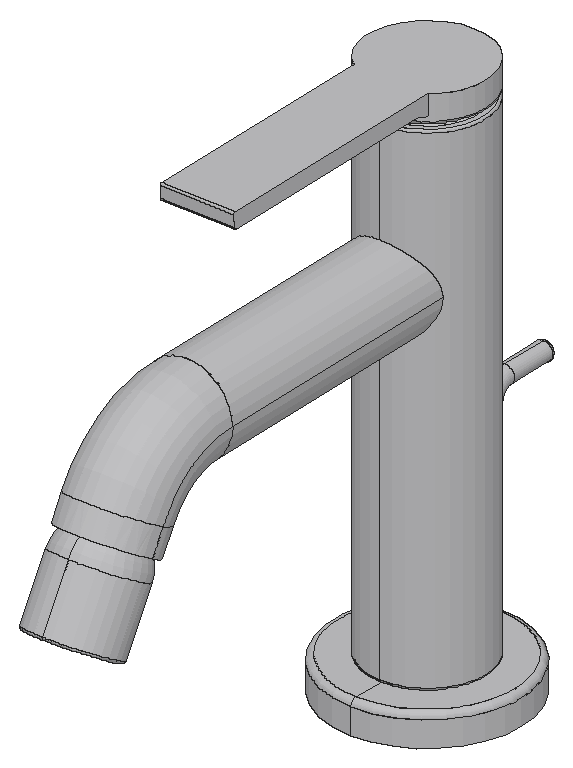
Revit family "Faucet-Bidet-KALLISTA-ONE-P26614_1", category Plumbing Fixtures, host Face, Revit 2022
Family settings
  Host = Face
  Round Connector Dimension = Use Diameter
  Part Type = Normal
  OmniClass Number = 23.31.11.00
  OmniClass Title = Faucets
  Cut with Voids When Loaded = No
  Maintain Annotation Orientation = No
  Shared = No
  Room Calculation Point = No
Parameters (values of type "CP-Chrome")
  Width = 2 61/256"  # constant formula
  WaterSense Certified = 1 = 0  # no
  Waste Water Outlet = "Waste Water Outlet"  # constant formula
  Waste Connection = 1 = 0  # no
  Vent Connection = 1 = 0  # no
  URL = "https://www.kallista.com/"
  Type = 1
  Spout Reach = 5.23622"  # constant formula
  Product Page URL = ""
  Product Name = "ONE"  # constant formula
  Product Documentation Link = ""
  Pressure = 20.00 psi  # constant formula
  Model = if(Type = 1, "P26614-00-CP", if(Type = 2, "P26614-00-BL", if(Type = 3, "P26614-00-BAF", if(Type = 4, "P26614-00-SN", if(Type = 5, "P26614-00-ULB", if(Type = 6, "P26614-00-BN", "NA"))))))  # "P26614-00-CP"
  Material = "Premium Metal Construction"  # constant formula
  Master Format 2014 Name = "Residential Faucets, Supplies, and Trim"  # constant formula
  Master Format 2014 = "22 41 39"  # constant formula
  Manufacturer Address = "444 Highland Dr, Kohler, WI 53044"  # constant formula
  Manufacturer = "Kallista Co."  # constant formula
  Length = Spout Reach  # 5.23622"
  Hot Water Inlet = "Hot Water Inlet"  # constant formula
  Height = 6.66929"  # constant formula
  Handle Clearance = 3.38583"  # constant formula
  HW Connection = 1 = 1  # yes
  Flow Rate = 1.5 GPM  # constant formula
  Finish = Kallista-Metal-CP-Chrome
  Environmental Product Declaration = ""
  Drain Included = 1 = 1  # yes
  Description = "BIDET FAUCET"  # constant formula
  Default Elevation = 36"
  Declare Label = ""
  Date Modified = "07/04/2022"  # constant formula
  Date Created = "06/13/2022"  # constant formula
  Copyright = "Copyright Kallista Co."  # constant formula
  Contact Us = "https://www.kallista.com/corporate/contact-us/"
  Cold Water Inlet = "Cold Water Inlet"  # constant formula
  CW Connection = 1 = 1  # yes
  Assembly Code = "D2010"
  ADA Compliant = 1 = 0  # no
Types (7): name | Type | Model | Finish
  (no name) | 1 | "P26614-00-CP" | Kallista-Metal-CP-Chrome
  CP-Chrome | 1 | "P26614-00-CP" | Kallista-Metal-CP-Chrome
  BL-Matte Black | 2 | "P26614-00-BL" | Kallista-Metal-BL-Matte_Black
  SN-Polished Nickel | 4 | "P26614-00-SN" | Kallista-Metal-SN-Polished_Nickel
  BAF-Brushed French Gold | 3 | "P26614-00-BAF" | Kallista-Metal-BAF-Brushed_French_Gold
  ULB-Unlaquered Brass | 5 | "P26614-00-ULB" | Kallista-Metal-ULB-Unlaquered_Brass
  BN-Brushed Nickel | 6 | "P26614-00-BN" | Kallista-Metal-BN-Brushed_Nickel
Reference planes
  plane 1 "Center (Front/Back)": y = 0
  plane 2: z = 0
  plane 3 "Center (Left/Right)": x = 0
  plane 4: x = -28.41
  plane 5: x = 28.442
  plane 6: y = 44.5
  plane 7: y = 28.4
  plane 8: y = -17.6
  plane 9: y = -28.4
  plane 10: y = -143.857
  plane 11: z = 169.4
  plane 12: y = -133
  plane 13: z = 74.315
  plane 14: z = 127.992
  plane 15: y = -86
  plane 16: x = -8.3
  plane 17: x = 8.3
  plane 18: x = -13.5
  plane 19: x = 13.5
  plane 20: z = 9.498
  plane 21: x = -17.596
  plane 22: x = 17.596
  plane 23: z = 69.982
  plane 24: z = 114.5
  plane 25: y = 17.6
Dimensions and locks
  "Width": plane 4 to plane 5
  "Handle Clearance": plane 1 "Center (Front/Back)" to plane 15
  locked: plane 13 to level at 74.315
  "Length": plane 1 "Center (Front/Back)" to plane 12
  plane 20 to level = 0.37393"
  plane 6 to plane 1 "Center (Front/Back)" = 1.75197"
  plane 23 to level = 2.75519"
  plane 24 to level = 4.50787"
  "Height": plane 11 to level
  aligned and locked: plane 2 to host face
  aligned and locked: level to host face
Automatic sketch dimensions
  host sketch curve to host sketch curve = 96"  (x2)
Nested families
  nested 1: "P26614" at (0, 0, 0), type "P26614"
Connectors
  piping at (-8.281, 0, 0), diameter 14.288, driven by "Flow Rate", driven by "Pressure", driven by "HW Connection", driven by "Hot Water Inlet"
    settings: on nested 1, index 1, connector inside diameter 24", connector length 0", flow factor 0, pipe flow 1.5 GPM, pressure drop 20.00 psi, fitting loss kfactor 0, connector angle 0.00°, fixture units 0, engagement length 0", angle of deflection 0.00°, flow configuration 1, flow direction 1, fitting loss method 4, system type 19, joint type 0, gender type 0, connector reference index -1, connector utility 1, adjustable connector no, is connector primary yes, connector description "Hot Water Inlet"
  piping at (8.281, 0, 0), diameter 14.288, driven by "Flow Rate", driven by "Pressure", driven by "CW Connection", driven by "Cold Water Inlet"
    settings: on nested 1, index 2, connector inside diameter 24", connector length 0", flow factor 0, pipe flow 1.5 GPM, pressure drop 20.00 psi, fitting loss kfactor 0, connector angle 0.00°, fixture units 0, engagement length 0", angle of deflection 0.00°, flow configuration 1, flow direction 1, fitting loss method 4, system type 20, joint type 0, gender type 0, connector reference index -1, connector utility 1, adjustable connector no, is connector primary no, connector description "Cold Water Inlet"
Definition of nested family "P26614"
  Parameters
    Material = none
    Default Elevation = 0"
  Reference planes
    plane 1 "Center (Front/Back)": y = 0
    plane 2: z = 0
    plane 3 "Center (Left/Right)": x = 0
    plane 4: y = 17.6
    plane 5: y = -17.6
    plane 6: y = -132.9
    plane 7: z = 114.5
    plane 8: z = 128
    plane 9: z = 101
    plane 10: z = 169.4
    plane 11: y = 44.5
    plane 12: z = 74.3
    plane 13: x = 28.41
    plane 14: x = -28.41
    plane 15: x = -13.5
    plane 16: x = 13.5
    plane 17: y = 28.4
    plane 18: y = -28.4
    plane 19: y = -143.857
    plane 20: y = -86
    plane 21: z = 164.6
    plane 22: x = 11.05
    plane 23: x = -11.05
    plane 24: x = -8.3
    plane 25: x = 8.3
  Forms (mm)
    Revolve 1, solid, material <- "Material", detail levels medium+fine
      sketch origin (0, 0, 0) x (0, 1, 0) y (0, 0, 1)
        loop
          line (0, 0) -> (0, 9.5) -> (-26.544, 9.5)
          arc (-26.544, 9.5) -> (-27.856, 8.956) -> (-28.4, 7.644) r 1.856
          line (-28.4, 7.644) -> (-28.4, 0) -> (0, 0)
        axis (0, 9.5) -> (0, 0)
      angle from 0 to 360
    Revolve 2, solid, material <- "Material", detail levels medium+fine
      sketch origin (0, 0, 0) x (0, 1, 0) y (0, 0, 1)
        loop
          line (-17.6, 158.931) -> (-17.6, 10.059)
          arc (-17.6, 10.059) -> (-17.436, 9.664) -> (-17.041, 9.5) r 0.559
          line (-17.041, 9.5) -> (0, 9.5) -> (0, 169.4) -> (-17.6, 169.4) -> (-17.6, 162.014)
          arc (-17.6, 162.014) -> (-17.427, 161.597) -> (-17.011, 161.425) r 0.589
          line (-17.011, 161.425) -> (-12.573, 161.425) -> (-15.197, 159.518) -> (-17.013, 159.518)
          arc (-17.013, 159.518) -> (-17.428, 159.346) -> (-17.6, 158.931) r 0.587
        axis (0, 169.4) -> (0, 9.5)
      angle from 0 to 360
    Sweep 3, solid, material <- "Material", detail levels medium+fine
      path origin (0, 0, 0) x (0, 1, 0) y (0, 0, 1)
        loop
          line (43.584, 71.603) -> (29.101, 71.603)
          arc (29.101, 71.603) -> (26.065, 70.646) -> (24.128, 68.121) r 5.292
          line (24.128, 68.121) -> (10.447, 30.533)
      profile origin (0, 17.288, 49.327) x (0, 0.939693, -0.34202) y (1, 0, 0)
        loop
          circle (0, 0) r 2.7
    Sweep 4, solid, material <- "Material", detail levels medium+fine
      path origin (0, 0, 0) x (0, 1, 0) y (0, 0, 1)
        loop
          line (-10, 114.5) -> (-89.851, 114.5)
          arc (-89.851, 114.5) -> (-104.965, 110.415) -> (-115.963, 99.271) r 30
          arc (-115.963, 99.271) -> (-123.112, 86.093) -> (-129.788, 72.67) r 421.866
      profile origin (0, -49.926, 114.5) x (0, 0, -1) y (1, 0, 0)
        loop
          circle (0, 0) r 13.614
    Extrusion 5, void
      sketch origin (0, 0, 0) x (0, 1, 0) y (0, 0, 1)
        loop
          line (-101.424, 81.714) -> (-138.4, 103.062) -> (-154.117, 75.839) -> (-117.142, 54.491) -> (-101.424, 81.714)
      from -26.977 to 23.844
    Revolve 6, solid, material <- "Material", detail levels medium+fine
      sketch origin (0, 0, 0) x (0, 1, 0) y (0, 0, 1)
        loop
          line (-119.806, 92.327) -> (-129.646, 98.008)
          arc (-129.646, 98.008) -> (-132.209, 96.096) -> (-134.167, 93.569) r 11.836
          line (-134.167, 93.569) -> (-143.773, 76.931)
          arc (-143.773, 76.931) -> (-143.834, 76.466) -> (-143.549, 76.095) r 0.612
          line (-143.549, 76.095) -> (-141.527, 74.927)
          arc (-141.527, 74.927) -> (-141.123, 74.874) -> (-140.801, 75.122) r 0.531
          line (-140.801, 75.122) -> (-139.126, 78.022) -> (-130.83, 73.233) -> (-119.806, 92.327)
        axis (-119.806, 92.327) -> (-132.77, 69.872)
      angle from 0 to 360
    Extrusion 7, solid, material <- "Material", detail levels medium+fine
      sketch origin (0, 0, 0) x (0, 1, 0) y (0, 0, 1)
        loop
          line (-7.445, 169.4) -> (-85.429, 169.4)
          arc (-85.429, 169.4) -> (-85.833, 169.233) -> (-86, 168.829) r 0.571
          arc (-86, 168.829) -> (-85.94, 167.056) -> (-85.759, 165.292) r 26.104
          arc (-85.759, 165.292) -> (-85.492, 164.797) -> (-84.966, 164.6) r 0.8
          line (-84.966, 164.6) -> (-18.633, 164.6)
          arc (-18.633, 164.6) -> (-16.467, 164.35) -> (-14.416, 163.612) r 9.494
          line (-14.416, 163.612) -> (-7.445, 163.612) -> (-7.445, 169.4)
      from -11.05 to 11.05
    Extrusion 8, void
      sketch origin (0, 0, 0) x (1, 0, 0) y (0, 0, 1)
        loop
          spline (0, 57.004) -> (-0.931, 56.692) -> (-1.799, 55.777) -> (-2.544, 54.321) -> (-3.116, 52.424) -> (-3.476, 50.214) -> (-3.598, 47.844) -> (-3.476, 45.473) -> (-3.116, 43.263) -> (-2.544, 41.366) -> (-1.799, 39.91) -> (-0.931, 38.995) -> (0, 38.683)
          spline (0, 38.683) -> (0.931, 38.995) -> (1.799, 39.91) -> (2.544, 41.366) -> (3.116, 43.263) -> (3.476, 45.473) -> (3.598, 47.844) -> (3.476, 50.214) -> (3.116, 52.424) -> (2.544, 54.321) -> (1.799, 55.777) -> (0.931, 56.692) -> (0, 57.004)
      from -23.019 to -9.374
    Revolve 9, solid, material <- "Material", detail levels medium+fine
      sketch origin (0, 0, 0) x (0, 1, 0) y (0, 0, 1)
        loop
          line (44.5, 71.515) -> (44.5, 73.314)
          arc (44.5, 73.314) -> (44.235, 73.986) -> (43.584, 74.298) r 0.986
          line (43.584, 74.298) -> (43.584, 71.515) -> (44.5, 71.515)
        axis (43.584, 71.515) -> (44.584, 71.515)
      angle from 0 to 360
    Extrusion 10, solid, detail levels medium+fine
      sketch origin (0, -130.83, 73.233) x (0, -0.866025, 0.5) y (-1, 0, 0)
        loop
          circle (0, 0) r 9.58
        loop
          line (5.015, 3.364) -> (5.411, 4.049) -> (5.015, 4.734) -> (4.224, 4.734) -> (3.828, 4.049) -> (4.224, 3.364) -> (5.015, 3.364)
        loop
          line (5.015, -0.015) -> (5.411, 0.67) -> (5.015, 1.355) -> (4.224, 1.355) -> (3.828, 0.67) -> (4.224, -0.015) -> (5.015, -0.015)
        loop
          line (5.015, -3.424) -> (5.411, -2.739) -> (5.015, -2.054) -> (4.224, -2.054) -> (3.828, -2.739) -> (4.224, -3.424) -> (5.015, -3.424)
        loop
          line (5.015, -5.166) -> (5.411, -4.481) -> (5.015, -3.796) -> (4.224, -3.796) -> (3.828, -4.481) -> (4.224, -5.166) -> (5.015, -5.166)
        loop
          line (3.602, 4.04) -> (3.997, 4.725) -> (3.602, 5.41) -> (2.811, 5.41) -> (2.415, 4.725) -> (2.811, 4.04) -> (3.602, 4.04)
        loop
          line (3.602, 2.433) -> (3.997, 3.118) -> (3.602, 3.803) -> (2.811, 3.803) -> (2.415, 3.118) -> (2.811, 2.433) -> (3.602, 2.433)
        loop
          line (3.602, 0.749) -> (3.997, 1.434) -> (3.602, 2.119) -> (2.811, 2.119) -> (2.415, 1.434) -> (2.811, 0.749) -> (3.602, 0.749)
        loop
          line (3.458, -0.892) -> (3.854, -0.207) -> (3.458, 0.478) -> (2.667, 0.478) -> (2.272, -0.207) -> (2.667, -0.892) -> (3.458, -0.892)
        loop
          line (3.458, -2.469) -> (3.854, -1.784) -> (3.458, -1.099) -> (2.667, -1.099) -> (2.272, -1.784) -> (2.667, -2.469) -> (3.458, -2.469)
        loop
          line (3.458, -4.396) -> (3.854, -3.711) -> (3.458, -3.026) -> (2.667, -3.026) -> (2.272, -3.711) -> (2.667, -4.396) -> (3.458, -4.396)
        loop
          line (3.331, -5.851) -> (3.726, -5.166) -> (3.331, -4.481) -> (2.54, -4.481) -> (2.144, -5.166) -> (2.54, -5.851) -> (3.331, -5.851)
        loop
          line (1.845, 4.725) -> (2.24, 5.41) -> (1.845, 6.095) -> (1.053, 6.095) -> (0.658, 5.41) -> (1.053, 4.725) -> (1.845, 4.725)
        loop
          line (1.624, 3.118) -> (2.02, 3.803) -> (1.624, 4.488) -> (0.833, 4.488) -> (0.438, 3.803) -> (0.833, 3.118) -> (1.624, 3.118)
        loop
          line (1.624, 1.434) -> (2.02, 2.119) -> (1.624, 2.804) -> (0.833, 2.804) -> (0.438, 2.119) -> (0.833, 1.434) -> (1.624, 1.434)
        loop
          line (1.624, -0.792) -> (2.02, -0.107) -> (1.624, 0.578) -> (0.833, 0.578) -> (0.438, -0.107) -> (0.833, -0.792) -> (1.624, -0.792)
        loop
          line (1.329, -2.384) -> (1.725, -1.699) -> (1.329, -1.014) -> (0.538, -1.014) -> (0.143, -1.699) -> (0.538, -2.384) -> (1.329, -2.384)
        loop
          line (1.329, -4.01) -> (1.725, -3.325) -> (1.329, -2.64) -> (0.538, -2.64) -> (0.143, -3.325) -> (0.538, -4.01) -> (1.329, -4.01)
        loop
          line (1.329, -5.851) -> (1.725, -5.166) -> (1.329, -4.481) -> (0.538, -4.481) -> (0.143, -5.166) -> (0.538, -5.851) -> (1.329, -5.851)
        loop
          line (-0.542, -5.081) -> (-0.147, -4.396) -> (-0.542, -3.711) -> (-1.333, -3.711) -> (-1.729, -4.396) -> (-1.333, -5.081) -> (-0.542, -5.081)
        loop
          line (-0.542, -3.157) -> (-0.147, -2.472) -> (-0.542, -1.786) -> (-1.333, -1.786) -> (-1.729, -2.472) -> (-1.333, -3.157) -> (-0.542, -3.157)
        loop
          line (-0.717, -0.7) -> (-0.321, -0.015) -> (-0.717, 0.67) -> (-1.508, 0.67) -> (-1.903, -0.015) -> (-1.508, -0.7) -> (-0.717, -0.7)
        loop
          line (-0.559, 1.748) -> (-0.163, 2.433) -> (-0.559, 3.118) -> (-1.35, 3.118) -> (-1.745, 2.433) -> (-1.35, 1.748) -> (-0.559, 1.748)
        loop
          line (-0.3, 4.04) -> (0.096, 4.725) -> (-0.3, 5.41) -> (-1.091, 5.41) -> (-1.486, 4.725) -> (-1.091, 4.04) -> (-0.3, 4.04)
        loop
          line (-2.465, 5.049) -> (-2.069, 5.734) -> (-2.465, 6.419) -> (-3.256, 6.419) -> (-3.651, 5.734) -> (-3.256, 5.049) -> (-2.465, 5.049)
        loop
          line (-2.465, 3.118) -> (-2.069, 3.803) -> (-2.465, 4.488) -> (-3.256, 4.488) -> (-3.651, 3.803) -> (-3.256, 3.118) -> (-2.465, 3.118)
        loop
          line (-2.662, 1.063) -> (-2.267, 1.748) -> (-2.662, 2.433) -> (-3.453, 2.433) -> (-3.849, 1.748) -> (-3.453, 1.063) -> (-2.662, 1.063)
        loop
          line (-2.971, -0.875) -> (-2.575, -0.19) -> (-2.971, 0.495) -> (-3.762, 0.495) -> (-4.157, -0.19) -> (-3.762, -0.875) -> (-2.971, -0.875)
        loop
          line (-2.971, -2.472) -> (-2.575, -1.786) -> (-2.971, -1.101) -> (-3.762, -1.101) -> (-4.157, -1.786) -> (-3.762, -2.472) -> (-2.971, -2.472)
        loop
          line (-2.971, -4.109) -> (-2.575, -3.424) -> (-2.971, -2.739) -> (-3.762, -2.739) -> (-4.157, -3.424) -> (-3.762, -4.109) -> (-2.971, -4.109)
        loop
          line (-2.971, -6.21) -> (-2.575, -5.525) -> (-2.971, -4.84) -> (-3.762, -4.84) -> (-4.157, -5.525) -> (-3.762, -6.21) -> (-2.971, -6.21)
        loop
          line (-4.948, -3.424) -> (-4.553, -2.739) -> (-4.948, -2.054) -> (-5.739, -2.054) -> (-6.135, -2.739) -> (-5.739, -3.424) -> (-4.948, -3.424)
        loop
          line (-4.948, -1.224) -> (-4.553, -0.539) -> (-4.948, 0.147) -> (-5.739, 0.147) -> (-6.135, -0.539) -> (-5.739, -1.224) -> (-4.948, -1.224)
        loop
          line (-4.948, 0.748) -> (-4.553, 1.433) -> (-4.948, 2.118) -> (-5.739, 2.118) -> (-6.135, 1.433) -> (-5.739, 0.748) -> (-4.948, 0.748)
        loop
          line (-4.948, 3.118) -> (-4.553, 3.803) -> (-4.948, 4.488) -> (-5.739, 4.488) -> (-6.135, 3.803) -> (-5.739, 3.118) -> (-4.948, 3.118)
        loop
          line (5.787, 1.87) -> (6.183, 2.555) -> (5.787, 3.24) -> (4.996, 3.24) -> (4.601, 2.555) -> (4.996, 1.87) -> (5.787, 1.87)
        loop
          line (6.647, 0.337) -> (7.043, 1.022) -> (6.647, 1.707) -> (5.856, 1.707) -> (5.461, 1.022) -> (5.856, 0.337) -> (6.647, 0.337)
      from -3.745 to 2.72
    Extrusion 11, solid, material <- "Material", detail levels medium+fine
      sketch origin (0, 0, 0) x (1, 0, 0) y (0, 1, 0)
        loop
          circle (8.281, 0) r 2
        loop
          circle (-8.281, 0) r 2
      from 0 to 1.294
    Revolve 12, solid, material <- "Material", detail levels coarse
      sketch origin (0, 0, 0) x (0, 1, 0) y (0, 0, 1)
        loop
          line (0, 0) -> (0, 9.5) -> (-28.4, 9.5) -> (-28.4, 0) -> (0, 0)
        axis (0, 9.5) -> (0, 0)
      angle from 0 to 360
    Revolve 13, solid, material <- "Material", detail levels coarse
      sketch origin (0, 0, 0) x (0, 1, 0) y (0, 0, 1)
        loop
          line (0.008, 9.5) -> (0.008, 169.4) -> (-17.6, 169.4) -> (-17.6, 9.5) -> (0.008, 9.5)
        axis (0.008, 9.5) -> (0.008, 169.4)
      angle from 0 to 360
    Extrusion 14, solid, material <- "Material", detail levels coarse
      sketch origin (0, 0, 0) x (0, 1, 0) y (0, 0, 1)
        loop
          line (-86, 164.6) -> (-3.762, 164.6) -> (-3.762, 169.4) -> (-86, 169.4) -> (-86, 164.6)
      from -11.05 to 11.05
    Sweep 15, solid, material <- "Material", detail levels coarse
      path origin (0, 0, 0) x (0, 1, 0) y (0, 0, 1)
        loop
          line (14.594, 42.316) -> (24.437, 67.957)
          arc (24.437, 67.957) -> (26.484, 70.554) -> (29.641, 71.534) r 5.575
          line (29.641, 71.534) -> (44.5, 71.534)
      profile origin (0, 19.516, 55.137) x (0, -0.93358, 0.358368) y (1, 0, 0)
        loop
          circle (0, 0) r 3
    Sweep 16, solid, material <- "Material", detail levels coarse
      path origin (0, 0, 0) x (0, 1, 0) y (0, 0, 1)
        loop
          line (-11.6, 114.5) -> (-83.341, 114.5)
          arc (-83.341, 114.5) -> (-102.12, 109.818) -> (-116.503, 96.868) r 40
          line (-116.503, 96.868) -> (-132.26, 69.576)
      profile origin (0, -47.471, 114.5) x (0, 0, -1) y (1, 0, 0)
        loop
          circle (0, 0) r 13.5
  Cuts and joins
    Extrusion 8 cuts Revolve 2
    Extrusion 5 cuts Sweep 4
    Extrusion 8 cuts Extrusion 7
    joined: Revolve 1, Revolve 2, Sweep 3, Sweep 4, Revolve 6, Extrusion 7
    joined: Revolve 12, Revolve 13, Extrusion 14, Sweep 15, Sweep 16
  Lines and regions (mm)
    Masking region 1
      outline origin (0, 0, 0) x (1, 0, 0) y (0, 1, 0)
        loop
          arc (-13.5, -132.883) -> (0, -143.857) -> (13.5, -132.883) r 13.791
          line (13.5, -132.883) -> (13.5, -24.997)
          arc (13.5, -24.997) -> (27.842, 5.654) -> (2.679, 28.283) r 28.41
          line (2.679, 28.283) -> (2.679, 43.705)
          arc (2.679, 43.705) -> (2.446, 44.267) -> (1.884, 44.5) r 0.795
          line (1.884, 44.5) -> (-1.868, 44.5)
          arc (-1.868, 44.5) -> (-2.458, 44.256) -> (-2.703, 43.665) r 0.835
          line (-2.703, 43.665) -> (-2.703, 28.281)
          arc (-2.703, 28.281) -> (-27.844, 5.643) -> (-13.5, -24.997) r 28.41
          line (-13.5, -24.997) -> (-13.5, -132.883)
    Masking region 2
      outline origin (0, 0, 0) x (0, 1, 0) y (0, 0, 1)
        loop
          line (28.4, 0) -> (28.4, 7.763)
          arc (28.4, 7.763) -> (27.891, 8.991) -> (26.662, 9.5) r 1.738
          line (26.662, 9.5) -> (17.049, 9.5)
          arc (17.049, 9.5) -> (17.469, 9.692) -> (17.6, 10.095) r 0.557
          line (17.6, 10.095) -> (17.6, 42.316) -> (26.684, 67.274)
          arc (26.684, 67.274) -> (27.349, 68.246) -> (28.4, 68.778) r 2.37
          line (28.4, 68.778) -> (43.604, 68.778)
          arc (43.604, 68.778) -> (44.237, 69.04) -> (44.5, 69.674) r 0.896
          line (44.5, 69.674) -> (44.5, 73.331)
          arc (44.5, 73.331) -> (44.216, 74.016) -> (43.531, 74.3) r 0.969
          line (43.531, 74.3) -> (28.409, 74.3)
          arc (28.409, 74.3) -> (24.947, 73.349) -> (22.457, 70.763) r 6.776
          arc (22.457, 70.763) -> (21.411, 68.561) -> (20.614, 66.256) r 22.149
          line (20.614, 66.256) -> (17.6, 57.976) -> (17.6, 158.969)
          arc (17.6, 158.969) -> (17.439, 159.357) -> (17.051, 159.518) r 0.549
          line (17.051, 159.518) -> (15.197, 159.518) -> (12.573, 161.425) -> (17.074, 161.425)
          arc (17.074, 161.425) -> (17.446, 161.579) -> (17.6, 161.95) r 0.526
          line (17.6, 161.95) -> (17.6, 168.422)
          arc (17.6, 168.422) -> (17.314, 169.114) -> (16.622, 169.4) r 0.978
          line (16.622, 169.4) -> (-17.6, 169.4) -> (-85.429, 169.4)
          arc (-85.429, 169.4) -> (-85.833, 169.233) -> (-86, 168.829) r 0.571
          arc (-86, 168.829) -> (-85.94, 167.056) -> (-85.759, 165.292) r 26.104
          arc (-85.759, 165.292) -> (-85.492, 164.797) -> (-84.966, 164.6) r 0.8
          line (-84.966, 164.6) -> (-18.633, 164.6)
          arc (-18.633, 164.6) -> (-17.944, 164.34) -> (-17.6, 163.689) r 1.041
          line (-17.6, 163.689) -> (-17.6, 162.029)
          arc (-17.6, 162.029) -> (-17.423, 161.602) -> (-16.995, 161.425) r 0.605
          line (-16.995, 161.425) -> (-12.51, 161.425) -> (-15.234, 159.518) -> (-17.041, 159.518)
          arc (-17.041, 159.518) -> (-17.436, 159.354) -> (-17.6, 158.959) r 0.559
          line (-17.6, 158.959) -> (-17.6, 128) -> (-89.144, 128)
          arc (-89.144, 128) -> (-114.813, 120.101) -> (-131.6, 99.136) r 45.656
          line (-131.6, 99.136) -> (-129.611, 97.988)
          arc (-129.611, 97.988) -> (-131.652, 97.011) -> (-133.15, 95.316) r 5.686
          line (-133.15, 95.316) -> (-143.755, 76.949)
          arc (-143.755, 76.949) -> (-143.834, 76.452) -> (-143.508, 76.069) r 0.601
          line (-143.508, 76.069) -> (-121.999, 63.651)
          arc (-121.999, 63.651) -> (-121.535, 63.59) -> (-121.164, 63.875) r 0.611
          line (-121.164, 63.875) -> (-111.406, 80.776)
          arc (-111.406, 80.776) -> (-110.311, 83.681) -> (-110.205, 86.784) r 9.558
          line (-110.205, 86.784) -> (-108.011, 85.517)
          arc (-108.011, 85.517) -> (-100.564, 96.683) -> (-87.856, 101) r 20.86
          line (-87.856, 101) -> (-17.6, 101) -> (-17.6, 10.067)
          arc (-17.6, 10.067) -> (-17.434, 9.666) -> (-17.034, 9.5) r 0.566
          line (-17.034, 9.5) -> (-26.608, 9.5)
          arc (-26.608, 9.5) -> (-27.875, 8.975) -> (-28.4, 7.708) r 1.792
          line (-28.4, 7.708) -> (-28.4, 0) -> (28.4, 0)
    Masking region 3
      outline origin (0, 0, 0) x (1, 0, 0) y (0, 0, 1)
        loop
          line (-17.077, 9.498) -> (-26.66, 9.498)
          arc (-26.66, 9.498) -> (-27.897, 8.985) -> (-28.41, 7.748) r 1.75
          line (-28.41, 7.748) -> (-28.41, 0) -> (28.41, 0) -> (28.41, 7.758)
          arc (28.41, 7.758) -> (27.9, 8.988) -> (26.67, 9.498) r 1.74
          line (26.67, 9.498) -> (16.959, 9.498)
          arc (16.959, 9.498) -> (17.405, 9.644) -> (17.596, 10.073) r 0.578
          line (17.596, 10.073) -> (17.596, 158.906)
          arc (17.596, 158.906) -> (17.417, 159.339) -> (16.984, 159.518) r 0.612
          line (16.984, 159.518) -> (15.194, 159.518) -> (12.569, 161.425) -> (17.047, 161.425)
          arc (17.047, 161.425) -> (17.435, 161.585) -> (17.596, 161.973) r 0.548
          line (17.596, 161.973) -> (17.596, 168.903)
          arc (17.596, 168.903) -> (17.45, 169.254) -> (17.099, 169.4) r 0.497
          line (17.099, 169.4) -> (-17.088, 169.4)
          arc (-17.088, 169.4) -> (-17.447, 169.251) -> (-17.596, 168.892) r 0.508
          line (-17.596, 168.892) -> (-17.596, 161.973)
          arc (-17.596, 161.973) -> (-17.435, 161.585) -> (-17.047, 161.425) r 0.548
          line (-17.047, 161.425) -> (-12.569, 161.425) -> (-15.194, 159.518) -> (-16.984, 159.518)
          arc (-16.984, 159.518) -> (-17.417, 159.339) -> (-17.596, 158.906) r 0.612
          line (-17.596, 158.906) -> (-17.596, 10.073)
          arc (-17.596, 10.073) -> (-17.405, 9.644) -> (-16.959, 9.498) r 0.578
    symbolic lines, detail levels medium+fine
      curve 1: line (13.5, -24.997, 0) -> (13.5, -11.292, 0)
      curve 2: line (-13.5, -24.997, 0) -> (-13.5, -11.292, 0)
      curve 3: line (-8.3, -15.52, 0) -> (-8.3, -86, 0)
      curve 4: line (-8.3, -86, 0) -> (8.3, -86, 0)
      curve 5: line (8.3, -86, 0) -> (8.3, -15.52, 0)
      curve 6: arc (8.3, -15.52, 0) -> (0, 17.6, 0) -> (-8.3, -15.52, 0) r 17.6
      curve 7: arc (7.5, -15.033, 0) -> (0, 16.8, 0) -> (-7.5, -15.033, 0) r 16.8
      curve 8: line (7.5, -86, 0) -> (7.5, -15.033, 0)
      curve 9: line (-7.5, -15.033, 0) -> (-7.5, -86, 0)
      curve 10: line (-7.5, -85.2, 0) -> (7.5, -85.2, 0)
      curve 11: arc (-2.703, 25.162, 0) -> (-0.012, 22.471, 0) -> (2.679, 25.162, 0) r 2.691
      curve 12: line (-2.703, 31.04, 0) -> (2.679, 31.04, 0)
      curve 13: line (-2.783, 43.584, 0) -> (0, 43.584, 0)
      curve 14: line (0, 43.584, 0) -> (2.783, 43.584, 0)
      curve 15: arc (-2.703, 27.276, 0) -> (-26.818, 5.663, 0) -> (-13.5, -23.855, 0) r 27.41
      curve 16: arc (13.5, -23.855, 0) -> (26.816, 5.675, 0) -> (2.679, 27.279, 0) r 27.41
      curve 17: arc (-13.5, -120.133, 0) -> (0.154, -129.555, 0) -> (13.5, -119.701, 0) r 14.275
      curve 18: arc (-13.5, -121.388, 0) -> (0, -131.912, 0) -> (13.5, -121.388, 0) r 13.921
      curve 19: arc (-13.5, -114.594, 0) -> (0, -124.543, 0) -> (13.5, -114.594, 0) r 14.134
      curve 20: line (2.679, 28.283, 0) -> (2.679, 17.395, 0)
      curve 21: line (-2.703, 28.281, 0) -> (-2.703, 17.391, 0)
      curve 22: line (16.959, 0, 9.498) -> (-17.077, 0, 9.498)
      curve 23: line (-28.41, 0, 7.748) -> (28.328, 0, 7.748)
      curve 24: line (-17.596, 0, 10.073) -> (17.596, 0, 10.073)
      curve 25: line (-12.569, 0, 161.425) -> (12.569, 0, 161.425)
      curve 26: line (-15.194, 0, 159.518) -> (15.194, 0, 159.518)
      curve 27: line (-17.596, 0, 158.906) -> (17.596, 0, 158.906)
      curve 28: line (-17.596, 0, 168.892) -> (17.593, 0, 168.892)
      curve 29: line (-11.05, 0, 163.612) -> (11.05, 0, 163.612)
      curve 30: arc (11.05, 0, 163.612) -> (11.35, 0, 166.246) -> (11.512, 0, 168.892) r 50.55
      curve 31: arc (11.05, 0, 168.892) -> (10.84, 0, 166.25) -> (10.588, 0, 163.612) r 166.854
      curve 32: arc (10.415, 0, 168.892) -> (10.23, 0, 166.254) -> (10.1, 0, 163.612) r 129.397
      curve 33: arc (-11.05, 0, 163.612) -> (-11.35, 0, 166.246) -> (-11.512, 0, 168.892) r 50.55
      curve 34: arc (-11.05, 0, 168.892) -> (-10.84, 0, 166.25) -> (-10.588, 0, 163.612) r 166.854
      curve 35: arc (-10.415, 0, 168.892) -> (-10.23, 0, 166.254) -> (-10.1, 0, 163.612) r 129.397
      curve 36: arc (-11.108, 0, 164.04) -> (0, 0, 163.726) -> (11.109, 0, 164.043) r 195.414
      curve 37: arc (-11.157, 0, 164.424) -> (0, 0, 164.072) -> (11.157, 0, 164.424) r 177.013
      curve 38: line (-13.5, 0, 114.5) -> (-13.5, 0, 93.207)
      curve 39: line (13.5, 0, 114.5) -> (13.5, 0, 91.451)
      curve 40: arc (-13.5, 0, 114.5) -> (0, 0, 128) -> (13.5, 0, 114.5) r 13.5
      curve 41: arc (-13.5, 0, 114.5) -> (0, 0, 125.265) -> (13.5, 0, 114.5) r 13.848
      curve 42: arc (-13.5, 0, 101) -> (0, 0, 105.088) -> (13.5, 0, 101) r 24.337
      curve 43: spline (-12.787, 0, 89.993) -> (-13.58, 0, 91.852) -> (-13.314, 0, 93.749) -> (-12.01, 0, 95.535) -> (-9.768, 0, 97.07) -> (-6.765, 0, 98.236) -> (-3.234, 0, 98.941) -> (0.549, 0, 99.131) -> (4.29, 0, 98.789) -> (7.696, 0, 97.944) -> (10.501, 0, 96.661) -> (12.488, 0, 95.04) -> (13.5, 0, 93.207)
      curve 44: spline (-11.362, 0, 92.327) -> (-11.265, 0, 93.068) -> (-10.975, 0, 93.797) -> (-10.497, 0, 94.501) -> (-9.84, 0, 95.167) -> (-9.014, 0, 95.785) -> (-8.034, 0, 96.344) -> (-6.917, 0, 96.834) -> (-5.681, 0, 97.247) -> (-4.348, 0, 97.575) -> (-2.941, 0, 97.814) -> (-1.483, 0, 97.959) -> (0, 0, 98.008)
      curve 45: spline (0, 0, 98.008) -> (1.483, 0, 97.959) -> (2.941, 0, 97.814) -> (4.348, 0, 97.575) -> (5.681, 0, 97.247) -> (6.917, 0, 96.834) -> (8.034, 0, 96.344) -> (9.014, 0, 95.785) -> (9.84, 0, 95.167) -> (10.497, 0, 94.501) -> (10.975, 0, 93.797) -> (11.265, 0, 93.068) -> (11.362, 0, 92.327)
      curve 46: line (-13.106, 0, 87.113) -> (-13.106, 0, 70.192)
      curve 47: line (13.053, 0, 70.192) -> (13.053, 0, 87.367)
      curve 48: arc (-13.106, 0, 87.113) -> (-0.026, 0, 89.462) -> (13.053, 0, 87.113) r 37.591
      curve 49: line (13.053, 0, 70.192) -> (-13.106, 0, 70.192)
      curve 50: spline (0, 0, 65.462) -> (2.479, 0, 65.625) -> (4.79, 0, 66.103) -> (6.774, 0, 66.865) -> (8.296, 0, 67.857) -> (9.253, 0, 69.012) -> (9.58, 0, 70.252) -> (9.253, 0, 71.491) -> (8.296, 0, 72.647) -> (6.774, 0, 73.639) -> (4.79, 0, 74.4) -> (2.479, 0, 74.878) -> (0, 0, 75.042)
      curve 51: spline (0, 0, 75.042) -> (-2.479, 0, 74.878) -> (-4.79, 0, 74.4) -> (-6.774, 0, 73.639) -> (-8.296, 0, 72.647) -> (-9.253, 0, 71.491) -> (-9.58, 0, 70.252) -> (-9.253, 0, 69.012) -> (-8.296, 0, 67.857) -> (-6.774, 0, 66.865) -> (-4.79, 0, 66.103) -> (-2.479, 0, 65.625) -> (0, 0, 65.462)
      curve 52: spline (13.5, 0, 91.451) -> (13.454, 0, 91.291) -> (13.401, 0, 91.131) -> (13.34, 0, 90.971) -> (13.272, 0, 90.813) -> (13.196, 0, 90.655) -> (13.112, 0, 90.499) -> (13.021, 0, 90.343) -> (12.923, 0, 90.188) -> (12.817, 0, 90.035) -> (12.704, 0, 89.883) -> (12.584, 0, 89.733) -> (12.457, 0, 89.583)
      curve 53: arc (-13.106, 0, 87.113) -> (-12.394, 0, 89.774) -> (-11.362, 0, 92.327) r 22.431
      curve 54: arc (13.053, 0, 87.367) -> (12.353, 0, 89.896) -> (11.362, 0, 92.327) r 22.431
      curve 55: spline (-12.457, 0, 89.583) -> (-13.5, 0, 91.45) -> (-13.448, 0, 93.387) -> (-12.307, 0, 95.239) -> (-10.169, 0, 96.855) -> (-7.207, 0, 98.104) -> (-3.661, 0, 98.885) -> (0.182, 0, 99.135) -> (4.01, 0, 98.834) -> (7.513, 0, 98.006) -> (10.407, 0, 96.717) -> (12.458, 0, 95.073) -> (13.5, 0, 93.207)
      curve 56: line (-12.323, 0, 89.983) -> (13.113, 0, 93.106)
      curve 57: line (13.113, 0, 91.552) -> (12.292, 0, 90.072)
      curve 58: line (-12.154, 0, 90.455) -> (12.8, 0, 93.014)
      curve 59: arc (13.113, 0, 93.106) -> (13.213, 0, 92.329) -> (13.113, 0, 91.552) r 3.068
      curve 60: arc (12.8, 0, 93.014) -> (12.868, 0, 92.235) -> (12.676, 0, 91.478) r 2.333
      curve 61: arc (12.676, 0, 91.478) -> (12.425, 0, 91.006) -> (12.109, 0, 90.577) r 3.692
      curve 62: line (13.053, 0, 70.192) -> (-13.106, 0, 70.192)
      curve 63: line (13.053, 0, 70.959) -> (-13.106, 0, 70.959)
      curve 64: line (0, 0, 65.862) -> (0, 0, 74.642)
      curve 65: line (0, 0, 74.642) -> (0, 0, 65.862)
      curve 66: line (0, 0, 66.262) -> (0, 0, 74.242)
      curve 67: line (0, 0, 74.242) -> (0, 0, 66.262)
      curve 68: line (0, 0, 66.662) -> (0, 0, 73.842)
      curve 69: line (0, 0, 73.842) -> (0, 0, 66.662)
      curve 70: line (0, 17.049, 9.5) -> (0, -17.034, 9.5)
      curve 71: line (0, 28.4, 7.763) -> (0, -28.399, 7.763)
      curve 72: line (0, 17.6, 10.036) -> (0, -17.59, 10.036)
      curve 73: line (0, 17.6, 57.976) -> (0, 17.6, 42.316)
      curve 74: line (0, 26.684, 67.274) -> (0, 21.837, 69.534)
      curve 75: line (0, 28.4, 68.778) -> (0, 28.4, 74.3)
      curve 76: line (0, 43.531, 74.3) -> (0, 43.531, 68.778)
      curve 77: line (0, -17.6, 128.114) -> (0, -10.269, 122.443)
      curve 78: line (0, -10.301, 106.599) -> (0, -17.6, 101)
      curve 79: arc (0, -10.269, 122.443) -> (0, -6.387, 114.513) -> (0, -10.301, 106.599) r 10
      curve 80: line (0, -17.6, 130.643) -> (0, -9.045, 124.025)
      curve 81: arc (0, -9.045, 124.025) -> (0, -4.387, 114.509) -> (0, -9.084, 105.012) r 12
      curve 82: line (0, -9.084, 105.012) -> (0, -17.6, 98.479)
      curve 83: line (0, -17.013, 159.518) -> (0, 17.013, 159.518)
      curve 84: line (0, -17.011, 161.425) -> (0, 17.011, 161.425)
      curve 85: line (0, 17.6, 158.969) -> (0, -17.6, 158.969)
      curve 86: line (0, 17.6, 168.422) -> (0, -85.997, 168.422)
      curve 87: arc (0, -85.429, 169.4) -> (0, -85.401, 166.98) -> (0, -84.966, 164.6) r 14.375
      curve 88: line (0, -85.759, 165.292) -> (0, -14.839, 165.292)
      curve 89: arc (0, -14.839, 165.292) -> (0, -14.337, 167.365) -> (0, -13.699, 169.4) r 32.251
      curve 90: arc (0, -14.839, 165.292) -> (0, -15.28, 164.229) -> (0, -16.343, 163.788) r 1.504
      curve 91: arc (0, -16.343, 163.788) -> (0, -16.519, 164.54) -> (0, -16.343, 165.292) r 1.688
      curve 92: arc (0, -16.343, 165.292) -> (0, -15.779, 167.353) -> (0, -15.165, 169.4) r 86.539
      curve 93: line (0, -16.343, 163.788) -> (0, -17.6, 163.788)
      curve 94: line (0, -16.518, 164.599) -> (0, -18.646, 164.599)
      curve 95: line (0, -86, 101) -> (0, -86, 128)
      curve 96: line (0, -108.19, 85.62) -> (0, -131.422, 99.033)
      curve 97: line (0, -103.185, 94.288) -> (0, -126.917, 107.989)
      curve 98: line (0, -111.406, 80.776) -> (0, -134.011, 93.826)
      curve 99: line (0, -121.164, 63.875) -> (0, -143.769, 76.926)
  Dimensions and locks
    locked: plane 4 to plane 5 at 35.2
    locked: plane 8 to plane 9 at 27
    locked: plane 1 "Center (Front/Back)" to plane 6 at 132.9
    locked: plane 7 to level at 114.5
    locked: plane 10 to level at 169.4
    locked: plane 12 to level at 74.3
    locked: plane 11 to plane 1 "Center (Front/Back)" at 44.5
    plane 14 to plane 13 = 2.237"
    plane 5 to plane 4 = 1.38583"
    locked: plane 17 to plane 18 at 56.8
    plane 6 to plane 1 "Center (Front/Back)" = 5.23228"
    locked: plane 10 to plane 21 at 4.8
    locked: plane 1 "Center (Front/Back)" to plane 20 at 86
    plane 24 to plane 25 = 0.65354"
    aligned and locked: plane 2 to level
